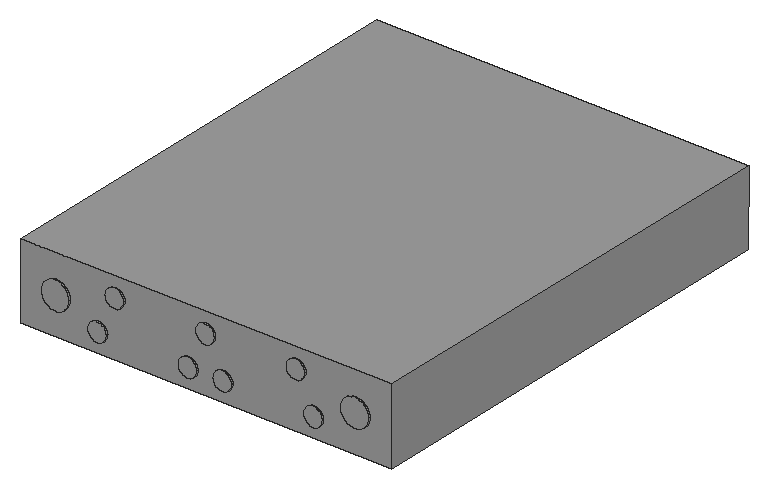
Revit family "NXPS_Series", category Electrical Equipment, host Face, Revit 2021
Family settings
  Host = Face
  Round Connector Dimension = Use Diameter
  Part Type = Equipment Switch
  OmniClass Number = 23.80.30.11.17
  OmniClass Title = Distribution Boards and Control Panels
  Cut with Voids When Loaded = No
  Shared = No
  Room Calculation Point = No
Parameters (values of type "NXP24")
  zz Length 3 = 4.08"
  zz Length 2 = 20.00"
  zz Length 1 = 24.00"
  Warranty = "Five-year limited"  # constant formula
  Voltage = "120V"  # constant formula
  URL = "https://www.currentlighting.com/nxlightingcontrols"
  Type Comments = "Electrical Equipment"  # constant formula
  Relative Humidity = "10 to 95%"  # constant formula
  Programming and Configuration = "Programmable via web browser user interface, requires NXAC Area Controller"  # constant formula
  Product Page URL = ""
  Product Documentation Link = ""
  Power Factor = 1
  Operating Temperature = "0° to 50°C (32° to 112°F)"  # constant formula
  Operating Environment = "Interior, Dry location"  # constant formula
  Network Interface = "Ethernet 10 base-T via  network cable, integral 2-port Ethernet hub"  # constant formula
  Model = "NXPS Series"  # constant formula
  Manufacturer = " NX Lighting Controls"  # constant formula
  Load Classification = Power
  Keynote = ""
  Frequency = 60 Hz
  Device Material = Gray
  Description = "Lighting Control Panels and Relays"  # constant formula
  Default Elevation = 48.00"
  Copyright = "Copyright ©  NX Lighting Controls"  # constant formula
  Contact Us = ""
  Connector Description 1 = "Power Supply"  # constant formula
  Certifications = "UL916, UL924 and cUL"  # constant formula
  Assembly Code = "D50"
  Apparent Load = 0.000 VA
Types (4): name | zz Length 1 | Assembly Code
  NXP32 | 30.50" | "D50"
  NXP8 | 18.25" | "D50"
  NXP24 | 24.00" | "D50"
  NXP48 | 43.50" | "D5030"
Reference planes (in)
  plane 1 "Center (Front/Back)": y = 0
  plane 2 "Bottom": z = 0
  plane 3 "Center (Left/Right)": x = 0
  plane 4: y = 12
  plane 5: y = -12
  plane 6: x = -10
  plane 7: x = 10
  plane 8: z = 4.08
  plane 9: y = 8
  plane 10: y = -8
  plane 11: x = -4.5
  plane 12: x = 4.5
  plane 13: y = 12.0625
  plane 14: y = -12.0625
  plane 15: x = 2.19847
  plane 16: x = 3.69847
  plane 17: y = 2.125
  plane 18: y = -2.125
Forms (in)
  Extrusion 1, solid, material "Gray" <- "Device Material"
    sketch origin (0, 0, 0.09375) x (0, -1, 0) y (1, 0, 0)
      loop
        line (-12, -10) -> (12, -10) -> (12, 10) -> (-12, 10) -> (-12, -10)
    from -0.09375 to 3.98625
  Extrusion 2, solid, material "Gray" <- "Device Material", detail levels medium+fine
    sketch origin (0, 0, 0) x (1, 0, 0) y (0, 0, 1)
      loop
        circle (-8.06572, 2.04) r 0.75
      loop
        circle (8.06572, 2.04) r 0.75
      loop
        circle (0, 3.01544) r 0.5
      loop
        circle (0.9375, 1.06456) r 0.5
      loop
        circle (-0.9375, 1.06456) r 0.5
      loop
        circle (-4.875, 3.01544) r 0.5
      loop
        circle (-5.8125, 1.06456) r 0.5
      loop
        circle (4.875, 3.01544) r 0.5
      loop
        circle (5.8125, 1.06456) r 0.5
    from 12 to 12.0625
  Extrusion 3, solid, material "Gray" <- "Device Material", detail levels medium+fine
    sketch origin (0, 0, 0) x (1, 0, 0) y (0, 0, -1)
      loop
        circle (-8.06572, -2.04) r 0.75
      loop
        circle (8.06572, -2.04) r 0.75
      loop
        circle (0, -3.01544) r 0.5
      loop
        circle (0.9375, -1.06456) r 0.5
      loop
        circle (-0.9375, -1.06456) r 0.5
      loop
        circle (-4.875, -3.01544) r 0.5
      loop
        circle (-5.8125, -1.06456) r 0.5
      loop
        circle (4.875, -3.01544) r 0.5
      loop
        circle (5.8125, -1.06456) r 0.5
    from 12 to 12.0625
Lines and regions (in)
  model lines, style "NXPS", detail levels medium+fine
    curve 1: line (-4.5, 8, 4.08) -> (4.5, 8, 4.08)
    curve 2: line (-4.5, -8, 4.08) -> (-4.5, 8, 4.08)
    curve 3: line (4.5, -8, 4.08) -> (-4.5, -8, 4.08)
    curve 4: line (4.5, 8, 4.08) -> (4.5, -8, 4.08)
  model lines, style "NXPS", detail levels fine
    curve 5: line (2.19847, 2.125, 4.08) -> (3.69847, 2.125, 4.08)
    curve 6: line (2.19847, -2.125, 4.08) -> (2.19847, 2.125, 4.08)
    curve 7: line (3.69847, -2.125, 4.08) -> (2.19847, -2.125, 4.08)
    curve 8: line (3.69847, 2.125, 4.08) -> (3.69847, -2.125, 4.08)
  symbolic lines
    curve 9: line (-10, 12, 0.09375) -> (10, 12, 0.09375)
    curve 10: line (-10, -12, 0.09375) -> (-10, 12, 0.09375)
    curve 11: line (10, -12, 0.09375) -> (-10, -12, 0.09375)
    curve 12: line (10, 12, 0.09375) -> (10, -12, 0.09375)
    curve 13: line (0, 12, 4.08) -> (0, -12, 4.08)
    curve 14: line (0, 12, 0) -> (0, 12, 4.08)
    curve 15: line (0, -12, 0) -> (0, 12, 0)
    curve 16: line (0, -12, 4.08) -> (0, -12, 0)
    curve 17: line (-10, 0, 4.08) -> (10, 0, 4.08)
    curve 18: line (-10, 0, 0) -> (-10, 0, 4.08)
    curve 19: line (10, 0, 0) -> (-10, 0, 0)
    curve 20: line (10, 0, 4.08) -> (10, 0, 0)
Dimensions and locks (in)
  equal spacing: plane 4, plane 1 "Center (Front/Back)", plane 5
  "zz Length 1": plane 4 to plane 5
  "zz Length 2": plane 6 to plane 7
  equal spacing: plane 6, plane 3 "Center (Left/Right)", plane 7
  plane 6 to plane 7 = 20.00"
  "zz Length 3": plane 8 to plane 2 "Bottom"
  plane 4 to plane 9 = 4.00"
  plane 5 to plane 10 = 4.00"
  equal spacing: plane 11, plane 3 "Center (Left/Right)", plane 12, locked at 4.5 each
  locked: plane 11 to plane 12 at 9
  locked: plane 13 to plane 4 at 0.0625
  locked: plane 14 to plane 5 at 0.0625
  equal spacing: plane 18, plane 1 "Center (Front/Back)", plane 17, locked at 2.125 each
  locked: plane 15 to plane 16 at 1.5
  locked: plane 16 to plane 12 at 0.80153
  aligned and locked: plane 2 "Bottom" to host face
  aligned and locked: level to host face
  aligned and locked: Extrusion 1 sketch curve to plane 4
  aligned and locked: Extrusion 1 sketch curve to plane 6
  aligned and locked: Extrusion 1 sketch curve to plane 5
  aligned and locked: Extrusion 1 sketch curve to plane 7
  aligned and locked: Extrusion 1 to plane 2 "Bottom"
  aligned and locked: plane 8 to Extrusion 1
  aligned and locked: curve 1 to plane 9
  aligned and locked: curve 2 to plane 11
  aligned and locked: curve 3 to plane 10
  aligned and locked: curve 4 to plane 12
  aligned and locked: curve 9 to Extrusion 1
  aligned and locked: curve 10 to Extrusion 1
  aligned and locked: curve 11 to Extrusion 1
  aligned and locked: curve 12 to Extrusion 1
  aligned and locked: curve 13 to Extrusion 1
  aligned and locked: curve 14 to Extrusion 1
  aligned and locked: curve 15 to Extrusion 1
  aligned and locked: curve 16 to Extrusion 1
  aligned and locked: curve 17 to Extrusion 1
  aligned and locked: curve 18 to Extrusion 1
  aligned and locked: curve 19 to Extrusion 1
  aligned and locked: curve 20 to Extrusion 1
  aligned and locked: Extrusion 2 to plane 5
  aligned and locked: plane 14 to Extrusion 2
  aligned and locked: Extrusion 3 to plane 4
  aligned and locked: plane 13 to Extrusion 3
  aligned and locked: plane 15 to curve 6
  aligned and locked: curve 8 to plane 16
  aligned and locked: plane 17 to curve 5
  aligned and locked: plane 18 to curve 7
Automatic sketch dimensions
  host sketch curve to host sketch curve = 96.00"  (x2)
  Extrusion 2 sketch curve to plane 3 "Center (Left/Right)" = 0.00"
  Extrusion 2 sketch curve to plane 3 "Center (Left/Right)" = 0.9375"
  plane 11 to Extrusion 2 sketch curve = 0.375"
  plane 11 to Extrusion 2 sketch curve = 1.3125"
  Extrusion 2 sketch curve to plane 6 = 1.93428"
  plane 3 "Center (Left/Right)" to Extrusion 2 sketch curve = 0.9375"
  plane 12 to Extrusion 2 sketch curve = 0.375"
  plane 12 to Extrusion 2 sketch curve = 1.3125"
  Extrusion 2 sketch curve to plane 7 = 1.93428"
  level to Extrusion 2 sketch curve = 1.06456"  (x4)
  level to Extrusion 2 sketch curve = 2.04"  (x2)
  Extrusion 2 sketch curve to plane 8 = 1.06456"  (x3)
  Extrusion 3 sketch curve to plane 3 "Center (Left/Right)" = 0.00"
  Extrusion 3 sketch curve to plane 3 "Center (Left/Right)" = 0.9375"
  plane 11 to Extrusion 3 sketch curve = 0.375"
  plane 11 to Extrusion 3 sketch curve = 1.3125"
  Extrusion 3 sketch curve to plane 6 = 1.93428"
  plane 3 "Center (Left/Right)" to Extrusion 3 sketch curve = 0.9375"
  plane 12 to Extrusion 3 sketch curve = 0.375"
  plane 12 to Extrusion 3 sketch curve = 1.3125"
  Extrusion 3 sketch curve to plane 7 = 1.93428"
  Extrusion 3 sketch curve to plane 8 = 1.06456"  (x3)
  level to Extrusion 3 sketch curve = 2.04"  (x2)
  level to Extrusion 3 sketch curve = 1.06456"  (x4)
  radius of Extrusion 2 sketch curve = 0.75"  (x2)
  radius of Extrusion 2 sketch curve = 0.50"  (x7)
  radius of Extrusion 3 sketch curve = 0.75"  (x2)
  radius of Extrusion 3 sketch curve = 0.50"  (x7)
Connectors (in)
  electrical at (0, 0, 0), driven by "Apparent Load", driven by "Load Classification", driven by "Power Factor", driven by "Connector Description 1"
    settings: on Extrusion 1, index 1, voltage 120 V, apparent load 0.000 VA, apparent load phase1 0.000 VA, apparent load phase2 0.000 VA, apparent load phase3 0.000 VA, power factor 1, load classification "Power", number of poles 1, system type 31, power factor state 1, is connector primary yes, connector utility no, sub classification motor no, connector description "Power Supply"
  cabletrayconduit at (-8.06572, -12.0625, 2.04), diameter 1.5
    settings: on Extrusion 2, index 3, connector width 12.00", connector height 12.00", connector angle 0.00°, system type 32, placement type 0, profile type 0, connector reference index -1, is primary connector yes, connector utility param no, connector description ""
  cabletrayconduit at (-5.8125, -12.0625, 1.06456), diameter 1
    settings: on Extrusion 2, index 4, connector width 12.00", connector height 12.00", connector angle 0.00°, system type 32, placement type 0, profile type 0, connector reference index -1, is primary connector no, connector utility param no, connector description ""
  cabletrayconduit at (-4.875, -12.0625, 3.01544), diameter 1
    settings: on Extrusion 2, index 5, connector width 12.00", connector height 12.00", connector angle 0.00°, system type 32, placement type 0, profile type 0, connector reference index -1, is primary connector no, connector utility param no, connector description ""
  cabletrayconduit at (-0.9375, -12.0625, 1.06456), diameter 1
    settings: on Extrusion 2, index 6, connector width 12.00", connector height 12.00", connector angle 0.00°, system type 32, placement type 0, profile type 0, connector reference index -1, is primary connector no, connector utility param no, connector description ""
  cabletrayconduit at (0, -12.0625, 3.01544), diameter 1
    settings: on Extrusion 2, index 7, connector width 12.00", connector height 12.00", connector angle 0.00°, system type 32, placement type 0, profile type 0, connector reference index -1, is primary connector no, connector utility param no, connector description ""
  cabletrayconduit at (0.9375, -12.0625, 1.06456), diameter 1
    settings: on Extrusion 2, index 8, connector width 12.00", connector height 12.00", connector angle 0.00°, system type 32, placement type 0, profile type 0, connector reference index -1, is primary connector no, connector utility param no, connector description ""
  cabletrayconduit at (4.875, -12.0625, 3.01544), diameter 1
    settings: on Extrusion 2, index 9, connector width 12.00", connector height 12.00", connector angle 0.00°, system type 32, placement type 0, profile type 0, connector reference index -1, is primary connector no, connector utility param no, connector description ""
  cabletrayconduit at (5.8125, -12.0625, 1.06456), diameter 1
    settings: on Extrusion 2, index 10, connector width 12.00", connector height 12.00", connector angle 0.00°, system type 32, placement type 0, profile type 0, connector reference index -1, is primary connector no, connector utility param no, connector description ""
  cabletrayconduit at (8.06572, -12.0625, 2.04), diameter 1.5
    settings: on Extrusion 2, index 11, connector width 12.00", connector height 12.00", connector angle 0.00°, system type 32, placement type 0, profile type 0, connector reference index -1, is primary connector no, connector utility param no, connector description ""
  cabletrayconduit at (8.06572, 12.0625, 2.04), diameter 1.5
    settings: on Extrusion 3, index 12, connector width 12.00", connector height 12.00", connector angle 0.00°, system type 32, placement type 0, profile type 0, connector reference index -1, is primary connector no, connector utility param no, connector description ""
  cabletrayconduit at (4.875, 12.0625, 3.01544), diameter 1
    settings: on Extrusion 3, index 13, connector width 12.00", connector height 12.00", connector angle 0.00°, system type 32, placement type 0, profile type 0, connector reference index -1, is primary connector no, connector utility param no, connector description ""
  cabletrayconduit at (5.8125, 12.0625, 1.06456), diameter 1
    settings: on Extrusion 3, index 14, connector width 12.00", connector height 12.00", connector angle 0.00°, system type 32, placement type 0, profile type 0, connector reference index -1, is primary connector no, connector utility param no, connector description ""
  cabletrayconduit at (0, 12.0625, 3.01544), diameter 1
    settings: on Extrusion 3, index 15, connector width 12.00", connector height 12.00", connector angle 0.00°, system type 32, placement type 0, profile type 0, connector reference index -1, is primary connector no, connector utility param no, connector description ""
  cabletrayconduit at (0.9375, 12.0625, 1.06456), diameter 1
    settings: on Extrusion 3, index 16, connector width 12.00", connector height 12.00", connector angle 0.00°, system type 32, placement type 0, profile type 0, connector reference index -1, is primary connector no, connector utility param no, connector description ""
  cabletrayconduit at (-0.9375, 12.0625, 1.06456), diameter 1
    settings: on Extrusion 3, index 17, connector width 12.00", connector height 12.00", connector angle 0.00°, system type 32, placement type 0, profile type 0, connector reference index -1, is primary connector no, connector utility param no, connector description ""
  cabletrayconduit at (-4.875, 12.0625, 3.01544), diameter 1
    settings: on Extrusion 3, index 18, connector width 12.00", connector height 12.00", connector angle 0.00°, system type 32, placement type 0, profile type 0, connector reference index -1, is primary connector no, connector utility param no, connector description ""
  cabletrayconduit at (-5.8125, 12.0625, 1.06456), diameter 1
    settings: on Extrusion 3, index 19, connector width 12.00", connector height 12.00", connector angle 0.00°, system type 32, placement type 0, profile type 0, connector reference index -1, is primary connector no, connector utility param no, connector description ""
  cabletrayconduit at (-8.06572, 12.0625, 2.04), diameter 1.5
    settings: on Extrusion 3, index 20, connector width 12.00", connector height 12.00", connector angle 0.00°, system type 32, placement type 0, profile type 0, connector reference index -1, is primary connector no, connector utility param no, connector description ""
